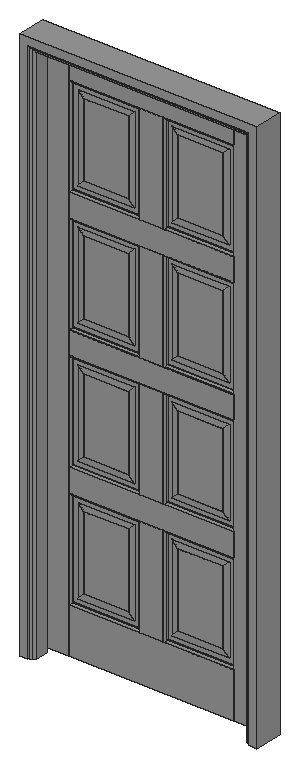
Revit family "I8PAN", category Doors, host Wall, Revit 2013
Parameters (values of type "I8PAN")
  Function = Interior
  Frame Projection Ext. = 25 mm
  Frame Projection Int. = 25 mm
  Frame Width = 75 mm
  Height = 2090 mm
  Wall Closure = By host
  Width = 889 mm
Reference planes
  plane 1: y = 0
  plane 2 "Center (Left/Right)": x = 0
  plane 3 "Left": x = -444.5
  plane 4 "Right": x = 444.5
  plane 5: z = 2090
  plane 6 "Exterior": y = 75
  plane 7 "Interior": y = -75
Forms (mm)
  Sweep 1, solid, material "Lauan, Meranti"
    path origin (0, 75, 0) x (1, 0, 0) y (0, 0, 1)
      loop
        line (444.5, 0) -> (444.5, 2090) -> (-444.5, 2090) -> (-444.5, 0)
    profile "Van Acht 105x50 Door Frame Routed Profile (Heavy) : Van Acht 105x50 Door Frame Routed Profile (Heavy)" origin (444.5, 75, 1045) x (-1, 0, 0) y (0, -1, 0)
      loop
        line (0, 22.5) -> (38, 22.5) -> (38, 67.5) -> (50, 67.5) -> (50, 112.5)
        arc (50, 112.5) -> (44.957, 114.29) -> (42.17, 118.859) r 8
        line (42.17, 118.859) -> (39, 118.859)
        arc (39, 118.859) -> (35.311, 122.973) -> (30, 124.5) r 10
        line (30, 124.5) -> (30, 127.5) -> (0, 127.5) -> (0, 22.5)
  Extrusion 2, solid, material "Lauan, Meranti"
    sketch origin (0, -85, 0) x (0, 1, 0) y (0, 0, 1)
      loop
        line (132.5, 20) -> (132.5, 191) -> (130.5, 191)
        arc (130.5, 191) -> (128.866, 195.67) -> (124.5, 198) r 6.807
        line (124.5, 198) -> (124.5, 200) -> (122.5, 200) -> (122.5, 185) -> (102.5, 185) -> (102.5, 200) -> (100.5, 200) -> (100.5, 198)
        arc (100.5, 198) -> (96.134, 195.67) -> (94.5, 191) r 6.807
        line (94.5, 191) -> (92.5, 191) -> (92.5, 20) -> (132.5, 20)
      loop
        line (132.5, 567) -> (132.5, 654) -> (130.5, 654)
        arc (130.5, 654) -> (128.866, 658.67) -> (124.5, 661) r 6.807
        line (124.5, 661) -> (124.5, 663) -> (122.5, 663) -> (122.5, 648) -> (102.5, 648) -> (102.5, 663) -> (100.5, 663) -> (100.5, 661)
        arc (100.5, 661) -> (96.134, 658.67) -> (94.5, 654) r 6.807
        line (94.5, 654) -> (92.5, 654) -> (92.5, 567) -> (94.5, 567)
        arc (94.5, 567) -> (96.134, 562.33) -> (100.5, 560) r 6.807
        line (100.5, 560) -> (100.5, 558) -> (102.5, 558) -> (102.5, 573) -> (122.5, 573) -> (122.5, 558) -> (124.5, 558) -> (124.5, 560)
        arc (124.5, 560) -> (128.866, 562.33) -> (130.5, 567) r 6.807
        line (130.5, 567) -> (132.5, 567)
      loop
        line (130.5, 1956) -> (132.5, 1956) -> (132.5, 2052) -> (92.5, 2052) -> (92.5, 1956) -> (94.5, 1956)
        arc (94.5, 1956) -> (96.134, 1951.33) -> (100.5, 1949) r 6.807
        line (100.5, 1949) -> (100.5, 1947) -> (102.5, 1947) -> (102.5, 1962) -> (122.5, 1962) -> (122.5, 1947) -> (124.5, 1947) -> (124.5, 1949)
        arc (124.5, 1949) -> (128.866, 1951.33) -> (130.5, 1956) r 6.807
      loop
        line (132.5, 1030) -> (132.5, 1117) -> (130.5, 1117)
        arc (130.5, 1117) -> (128.866, 1121.67) -> (124.5, 1124) r 6.807
        line (124.5, 1124) -> (124.5, 1126) -> (122.5, 1126) -> (122.5, 1111) -> (102.5, 1111) -> (102.5, 1126) -> (100.5, 1126) -> (100.5, 1124)
        arc (100.5, 1124) -> (96.134, 1121.67) -> (94.5, 1117) r 6.807
        line (94.5, 1117) -> (92.5, 1117) -> (92.5, 1030) -> (94.5, 1030)
        arc (94.5, 1030) -> (96.134, 1025.33) -> (100.5, 1023) r 6.807
        line (100.5, 1023) -> (100.5, 1021) -> (102.5, 1021) -> (102.5, 1036) -> (122.5, 1036) -> (122.5, 1021) -> (124.5, 1021) -> (124.5, 1023)
        arc (124.5, 1023) -> (128.866, 1025.33) -> (130.5, 1030) r 6.807
        line (130.5, 1030) -> (132.5, 1030)
      loop
        line (132.5, 1493) -> (132.5, 1580) -> (130.5, 1580)
        arc (130.5, 1580) -> (128.866, 1584.67) -> (124.5, 1587) r 6.807
        line (124.5, 1587) -> (124.5, 1589) -> (122.5, 1589) -> (122.5, 1574) -> (102.5, 1574) -> (102.5, 1589) -> (100.5, 1589) -> (100.5, 1587)
        arc (100.5, 1587) -> (96.134, 1584.67) -> (94.5, 1580) r 6.807
        line (94.5, 1580) -> (92.5, 1580) -> (92.5, 1493) -> (94.5, 1493)
        arc (94.5, 1493) -> (96.134, 1488.33) -> (100.5, 1486) r 6.807
        line (100.5, 1486) -> (100.5, 1484) -> (102.5, 1484) -> (102.5, 1499) -> (122.5, 1499) -> (122.5, 1484) -> (124.5, 1484) -> (124.5, 1486)
        arc (124.5, 1486) -> (128.866, 1488.33) -> (130.5, 1493) r 6.807
        line (130.5, 1493) -> (132.5, 1493)
    from -310.5 to 310.5
  Extrusion 3, solid, material "Lauan, Meranti"
    sketch origin (0, 0, 0) x (1, 0, 0) y (0, 1, 0)
      loop
        line (-406.5, 47.5) -> (-406.5, 7.5) -> (-310.5, 7.5) -> (-310.5, 9.5)
        arc (-310.5, 9.5) -> (-305.765, 11.06) -> (-303.5, 15.5) r 6.549
        line (-303.5, 15.5) -> (-301.5, 15.5) -> (-301.5, 17.5) -> (-316.5, 17.5) -> (-316.5, 37.5) -> (-301.5, 37.5) -> (-301.5, 39.5) -> (-303.5, 39.5)
        arc (-303.5, 39.5) -> (-305.765, 43.94) -> (-310.5, 45.5) r 6.549
        line (-310.5, 45.5) -> (-310.5, 47.5) -> (-406.5, 47.5)
      loop
        line (406.5, 47.5) -> (310.5, 47.5) -> (310.5, 45.5)
        arc (310.5, 45.5) -> (305.765, 43.94) -> (303.5, 39.5) r 6.549
        line (303.5, 39.5) -> (301.5, 39.5) -> (301.5, 37.5) -> (316.5, 37.5) -> (316.5, 17.5) -> (301.5, 17.5) -> (301.5, 15.5) -> (303.5, 15.5)
        arc (303.5, 15.5) -> (305.765, 11.06) -> (310.5, 9.5) r 6.549
        line (310.5, 9.5) -> (310.5, 7.5) -> (406.5, 7.5) -> (406.5, 47.5)
    from 20 to 2052
  Sweep 4, solid, material "Lauan, Meranti"
    path origin (0, 75, 0) x (1, 0, 0) y (0, 0, 1)
      loop
        line (310.5, 567) -> (43.5, 567) -> (43.5, 191) -> (310.5, 191) -> (310.5, 567)
    profile origin (177, 75, 567) x (0, 0, -1) y (0, -1, 0)
      loop
        line (-4.5, 57.5) -> (-4.5, 37.5) -> (25.727, 37.5)
        arc (25.727, 37.5) -> (37.124, 37.25) -> (48.5, 36.5) r 259.807
        line (48.5, 36.5) -> (48.5, 58.5)
        arc (48.5, 58.5) -> (37.124, 57.75) -> (25.727, 57.5) r 259.807
        line (25.727, 57.5) -> (-4.5, 57.5)
  Extrusion 5, solid, material "Lauan, Meranti"
    sketch origin (0, 75, 0) x (1, 0, 0) y (0, 0, 1)
      loop
        line (262, 518.5) -> (92, 518.5) -> (92, 239.5) -> (262, 239.5) -> (262, 518.5)
    from 36.5 to 58.5
  Extrusion 6, solid, material "Lauan, Meranti"
    sketch origin (0, -55, 0) x (1, 0, 0) y (0, 1, 0)
      loop
        line (-37.5, 92.5) -> (-37.5, 72.5) -> (-52.5, 72.5) -> (-52.5, 70.5) -> (-50.5, 70.5)
        arc (-50.5, 70.5) -> (-48.235, 66.06) -> (-43.5, 64.5) r 6.549
        line (-43.5, 64.5) -> (-43.5, 62.5) -> (43.5, 62.5) -> (43.5, 64.5)
        arc (43.5, 64.5) -> (48.235, 66.06) -> (50.5, 70.5) r 6.549
        line (50.5, 70.5) -> (52.5, 70.5) -> (52.5, 72.5) -> (37.5, 72.5) -> (37.5, 92.5) -> (52.5, 92.5) -> (52.5, 94.5) -> (50.5, 94.5)
        arc (50.5, 94.5) -> (48.235, 98.94) -> (43.5, 100.5) r 6.549
        line (43.5, 100.5) -> (43.5, 102.5) -> (-43.5, 102.5) -> (-43.5, 100.5)
        arc (-43.5, 100.5) -> (-48.235, 98.94) -> (-50.5, 94.5) r 6.549
        line (-50.5, 94.5) -> (-52.5, 94.5) -> (-52.5, 92.5) -> (-37.5, 92.5)
    from 191 to 567
  Sweep 7, solid, material "Lauan, Meranti"
    path origin (-354, 75, 0) x (1, 0, 0) y (0, 0, 1)
      loop
        line (310.5, 567) -> (43.5, 567) -> (43.5, 191) -> (310.5, 191) -> (310.5, 567)
    profile origin (-177, 75, 567) x (0, 0, -1) y (0, -1, 0)
      loop
        line (-4.5, 57.5) -> (-4.5, 37.5) -> (25.727, 37.5)
        arc (25.727, 37.5) -> (37.124, 37.25) -> (48.5, 36.5) r 259.807
        line (48.5, 36.5) -> (48.5, 58.5)
        arc (48.5, 58.5) -> (37.124, 57.75) -> (25.727, 57.5) r 259.807
        line (25.727, 57.5) -> (-4.5, 57.5)
  Extrusion 8, solid, material "Lauan, Meranti"
    sketch origin (-354, 75, 0) x (1, 0, 0) y (0, 0, 1)
      loop
        line (262, 518.5) -> (92, 518.5) -> (92, 239.5) -> (262, 239.5) -> (262, 518.5)
    from 36.5 to 58.5
  Sweep 9, solid, material "Lauan, Meranti"
    path origin (0, 75, 463) x (1, 0, 0) y (0, 0, 1)
      loop
        line (310.5, 567) -> (43.5, 567) -> (43.5, 191) -> (310.5, 191) -> (310.5, 567)
    profile origin (177, 75, 1030) x (0, 0, -1) y (0, -1, 0)
      loop
        line (-4.5, 57.5) -> (-4.5, 37.5) -> (25.727, 37.5)
        arc (25.727, 37.5) -> (37.124, 37.25) -> (48.5, 36.5) r 259.807
        line (48.5, 36.5) -> (48.5, 58.5)
        arc (48.5, 58.5) -> (37.124, 57.75) -> (25.727, 57.5) r 259.807
        line (25.727, 57.5) -> (-4.5, 57.5)
  Extrusion 10, solid, material "Lauan, Meranti"
    sketch origin (0, 75, 463) x (1, 0, 0) y (0, 0, 1)
      loop
        line (262, 518.5) -> (92, 518.5) -> (92, 239.5) -> (262, 239.5) -> (262, 518.5)
    from 36.5 to 58.5
  Extrusion 11, solid, material "Lauan, Meranti"
    sketch origin (0, -55, 463) x (1, 0, 0) y (0, 1, 0)
      loop
        line (-37.5, 92.5) -> (-37.5, 72.5) -> (-52.5, 72.5) -> (-52.5, 70.5) -> (-50.5, 70.5)
        arc (-50.5, 70.5) -> (-48.235, 66.06) -> (-43.5, 64.5) r 6.549
        line (-43.5, 64.5) -> (-43.5, 62.5) -> (43.5, 62.5) -> (43.5, 64.5)
        arc (43.5, 64.5) -> (48.235, 66.06) -> (50.5, 70.5) r 6.549
        line (50.5, 70.5) -> (52.5, 70.5) -> (52.5, 72.5) -> (37.5, 72.5) -> (37.5, 92.5) -> (52.5, 92.5) -> (52.5, 94.5) -> (50.5, 94.5)
        arc (50.5, 94.5) -> (48.235, 98.94) -> (43.5, 100.5) r 6.549
        line (43.5, 100.5) -> (43.5, 102.5) -> (-43.5, 102.5) -> (-43.5, 100.5)
        arc (-43.5, 100.5) -> (-48.235, 98.94) -> (-50.5, 94.5) r 6.549
        line (-50.5, 94.5) -> (-52.5, 94.5) -> (-52.5, 92.5) -> (-37.5, 92.5)
    from 191 to 567
  Sweep 12, solid, material "Lauan, Meranti"
    path origin (-354, 75, 463) x (1, 0, 0) y (0, 0, 1)
      loop
        line (310.5, 567) -> (43.5, 567) -> (43.5, 191) -> (310.5, 191) -> (310.5, 567)
    profile origin (-177, 75, 1030) x (0, 0, -1) y (0, -1, 0)
      loop
        line (-4.5, 57.5) -> (-4.5, 37.5) -> (25.727, 37.5)
        arc (25.727, 37.5) -> (37.124, 37.25) -> (48.5, 36.5) r 259.807
        line (48.5, 36.5) -> (48.5, 58.5)
        arc (48.5, 58.5) -> (37.124, 57.75) -> (25.727, 57.5) r 259.807
        line (25.727, 57.5) -> (-4.5, 57.5)
  Extrusion 13, solid, material "Lauan, Meranti"
    sketch origin (-354, 75, 463) x (1, 0, 0) y (0, 0, 1)
      loop
        line (262, 518.5) -> (92, 518.5) -> (92, 239.5) -> (262, 239.5) -> (262, 518.5)
    from 36.5 to 58.5
  Sweep 14, solid, material "Lauan, Meranti"
    path origin (0, 75, 926) x (1, 0, 0) y (0, 0, 1)
      loop
        line (310.5, 567) -> (43.5, 567) -> (43.5, 191) -> (310.5, 191) -> (310.5, 567)
    profile origin (177, 75, 1493) x (0, 0, -1) y (0, -1, 0)
      loop
        line (-4.5, 57.5) -> (-4.5, 37.5) -> (25.727, 37.5)
        arc (25.727, 37.5) -> (37.124, 37.25) -> (48.5, 36.5) r 259.807
        line (48.5, 36.5) -> (48.5, 58.5)
        arc (48.5, 58.5) -> (37.124, 57.75) -> (25.727, 57.5) r 259.807
        line (25.727, 57.5) -> (-4.5, 57.5)
  Extrusion 15, solid, material "Lauan, Meranti"
    sketch origin (0, 75, 926) x (1, 0, 0) y (0, 0, 1)
      loop
        line (262, 518.5) -> (92, 518.5) -> (92, 239.5) -> (262, 239.5) -> (262, 518.5)
    from 36.5 to 58.5
  Extrusion 16, solid, material "Lauan, Meranti"
    sketch origin (0, -55, 926) x (1, 0, 0) y (0, 1, 0)
      loop
        line (-37.5, 92.5) -> (-37.5, 72.5) -> (-52.5, 72.5) -> (-52.5, 70.5) -> (-50.5, 70.5)
        arc (-50.5, 70.5) -> (-48.235, 66.06) -> (-43.5, 64.5) r 6.549
        line (-43.5, 64.5) -> (-43.5, 62.5) -> (43.5, 62.5) -> (43.5, 64.5)
        arc (43.5, 64.5) -> (48.235, 66.06) -> (50.5, 70.5) r 6.549
        line (50.5, 70.5) -> (52.5, 70.5) -> (52.5, 72.5) -> (37.5, 72.5) -> (37.5, 92.5) -> (52.5, 92.5) -> (52.5, 94.5) -> (50.5, 94.5)
        arc (50.5, 94.5) -> (48.235, 98.94) -> (43.5, 100.5) r 6.549
        line (43.5, 100.5) -> (43.5, 102.5) -> (-43.5, 102.5) -> (-43.5, 100.5)
        arc (-43.5, 100.5) -> (-48.235, 98.94) -> (-50.5, 94.5) r 6.549
        line (-50.5, 94.5) -> (-52.5, 94.5) -> (-52.5, 92.5) -> (-37.5, 92.5)
    from 191 to 567
  Sweep 17, solid, material "Lauan, Meranti"
    path origin (-354, 75, 926) x (1, 0, 0) y (0, 0, 1)
      loop
        line (310.5, 567) -> (43.5, 567) -> (43.5, 191) -> (310.5, 191) -> (310.5, 567)
    profile origin (-177, 75, 1493) x (0, 0, -1) y (0, -1, 0)
      loop
        line (-4.5, 57.5) -> (-4.5, 37.5) -> (25.727, 37.5)
        arc (25.727, 37.5) -> (37.124, 37.25) -> (48.5, 36.5) r 259.807
        line (48.5, 36.5) -> (48.5, 58.5)
        arc (48.5, 58.5) -> (37.124, 57.75) -> (25.727, 57.5) r 259.807
        line (25.727, 57.5) -> (-4.5, 57.5)
  Extrusion 18, solid, material "Lauan, Meranti"
    sketch origin (-354, 75, 926) x (1, 0, 0) y (0, 0, 1)
      loop
        line (262, 518.5) -> (92, 518.5) -> (92, 239.5) -> (262, 239.5) -> (262, 518.5)
    from 36.5 to 58.5
  Sweep 19, solid, material "Lauan, Meranti"
    path origin (0, 75, 1389) x (1, 0, 0) y (0, 0, 1)
      loop
        line (310.5, 567) -> (43.5, 567) -> (43.5, 191) -> (310.5, 191) -> (310.5, 567)
    profile origin (177, 75, 1956) x (0, 0, -1) y (0, -1, 0)
      loop
        line (-4.5, 57.5) -> (-4.5, 37.5) -> (25.727, 37.5)
        arc (25.727, 37.5) -> (37.124, 37.25) -> (48.5, 36.5) r 259.807
        line (48.5, 36.5) -> (48.5, 58.5)
        arc (48.5, 58.5) -> (37.124, 57.75) -> (25.727, 57.5) r 259.807
        line (25.727, 57.5) -> (-4.5, 57.5)
  Extrusion 20, solid, material "Lauan, Meranti"
    sketch origin (0, 75, 1389) x (1, 0, 0) y (0, 0, 1)
      loop
        line (262, 518.5) -> (92, 518.5) -> (92, 239.5) -> (262, 239.5) -> (262, 518.5)
    from 36.5 to 58.5
  Extrusion 21, solid, material "Lauan, Meranti"
    sketch origin (0, -55, 1389) x (1, 0, 0) y (0, 1, 0)
      loop
        line (-37.5, 92.5) -> (-37.5, 72.5) -> (-52.5, 72.5) -> (-52.5, 70.5) -> (-50.5, 70.5)
        arc (-50.5, 70.5) -> (-48.235, 66.06) -> (-43.5, 64.5) r 6.549
        line (-43.5, 64.5) -> (-43.5, 62.5) -> (43.5, 62.5) -> (43.5, 64.5)
        arc (43.5, 64.5) -> (48.235, 66.06) -> (50.5, 70.5) r 6.549
        line (50.5, 70.5) -> (52.5, 70.5) -> (52.5, 72.5) -> (37.5, 72.5) -> (37.5, 92.5) -> (52.5, 92.5) -> (52.5, 94.5) -> (50.5, 94.5)
        arc (50.5, 94.5) -> (48.235, 98.94) -> (43.5, 100.5) r 6.549
        line (43.5, 100.5) -> (43.5, 102.5) -> (-43.5, 102.5) -> (-43.5, 100.5)
        arc (-43.5, 100.5) -> (-48.235, 98.94) -> (-50.5, 94.5) r 6.549
        line (-50.5, 94.5) -> (-52.5, 94.5) -> (-52.5, 92.5) -> (-37.5, 92.5)
    from 191 to 567
  Sweep 22, solid, material "Lauan, Meranti"
    path origin (-354, 75, 1389) x (1, 0, 0) y (0, 0, 1)
      loop
        line (310.5, 567) -> (43.5, 567) -> (43.5, 191) -> (310.5, 191) -> (310.5, 567)
    profile origin (-177, 75, 1956) x (0, 0, -1) y (0, -1, 0)
      loop
        line (-4.5, 57.5) -> (-4.5, 37.5) -> (25.727, 37.5)
        arc (25.727, 37.5) -> (37.124, 37.25) -> (48.5, 36.5) r 259.807
        line (48.5, 36.5) -> (48.5, 58.5)
        arc (48.5, 58.5) -> (37.124, 57.75) -> (25.727, 57.5) r 259.807
        line (25.727, 57.5) -> (-4.5, 57.5)
  Extrusion 23, solid, material "Lauan, Meranti"
    sketch origin (-354, 75, 1389) x (1, 0, 0) y (0, 0, 1)
      loop
        line (262, 518.5) -> (92, 518.5) -> (92, 239.5) -> (262, 239.5) -> (262, 518.5)
    from 36.5 to 58.5
Lines and regions (mm)
  Opening 1
    outline origin (-3050, -75, 0) x (1, 0, 0) y (0, 0, 1)
      loop
        line (2605.5, 0) -> (3494.5, 0) -> (3494.5, 2090) -> (2605.5, 2090) -> (2605.5, 0)
  symbolic lines, style "Elevation Swing"
    curve 1: line (444.5, -75, 1045) -> (-444.5, -75, 2090)
    curve 2: line (444.5, -75, 1045) -> (-444.5, -75, 0)
  model lines
    curve 3: line (406.5, 52.5, 0) -> (406.5, 865.5, 0)
    curve 4: arc (-406.5, 52.5, 0) -> (-168.378, 627.378, 0) -> (406.5, 865.5, 0) r 813
Text (mm)
  text "Exterior" at (-2295.016, 1099.543, 0), in view "Ref. Level"
  text "Exterior" at (0, 1615.38, 3698.081), in view "Left"
  text "Exterior" at (0, 1036.032, 3874.932), in view "Right"
Dimensions and locks
  equal spacing: plane 3 "Left", plane 2 "Center (Left/Right)", plane 4 "Right"
  "Width": plane 3 "Left" to plane 4 "Right"
  "Height": plane 5 to host wall
  equal spacing: host wall, curve 2, plane 5
  host wall to plane 5 = 2090 mm
  locked: plane 6 "Exterior" to host wall at 0
  locked: plane 7 "Interior" to host wall
  plane 3 "Left" to plane 4 "Right" = 889 mm
  Sweep 1 to Sweep 1 = 813 mm
  Extrusion 3 to Sweep 1 = 2032 mm
  aligned and locked: plane 3 "Left" to Opening 1 sketch curve
  aligned and locked: plane 5 to Opening 1 sketch curve  (x2)
  aligned and locked: Opening 1 sketch curve to plane 4 "Right"
  aligned and locked: Opening 1 sketch curve to level
  aligned and locked: plane 5 to curve 1
  aligned and locked: plane 3 "Left" to curve 2
  aligned and locked: plane 1 to host wall
  aligned and locked: plane 3 "Left" to curve 1
Automatic sketch dimensions
  plane 4 "Right" to curve 2 = 0 mm
  curve 2 to level = 0 mm
  plane 3 "Left" to Sweep 1 sketch curve = 0 mm
  plane 4 "Right" to Sweep 1 sketch curve = 0 mm
  Sweep 1 sketch curve to plane 5 = 0 mm
  Sweep 1 sketch curve to level = 0 mm  (x2)
  Extrusion 2 sketch curve to host wall = 7.5 mm  (x5)
  level to Extrusion 2 sketch curve = 20 mm
  Extrusion 2 sketch curve to Extrusion 2 sketch curve = 2 mm  (x39)
  Extrusion 2 sketch curve to Extrusion 2 sketch curve = 6 mm  (x24)
  Extrusion 2 sketch curve to Extrusion 2 sketch curve = 8 mm  (x4)
  Extrusion 2 sketch curve to Extrusion 2 sketch curve = 20 mm  (x8)
  Extrusion 2 sketch curve to host wall = 27.5 mm  (x2)
  Extrusion 2 sketch curve to Extrusion 2 sketch curve = 1.197 mm  (x16)
  Extrusion 2 sketch curve to Extrusion 2 sketch curve = 165 mm
  Extrusion 2 sketch curve to Extrusion 2 sketch curve = 7 mm  (x16)
  Extrusion 2 sketch curve to Extrusion 2 sketch curve = 358 mm  (x3)
  Extrusion 2 sketch curve to Extrusion 2 sketch curve = 0 mm  (x4)
  Extrusion 2 sketch curve to Extrusion 2 sketch curve = 6.241 mm  (x4)
  Extrusion 2 sketch curve to Extrusion 2 sketch curve = 75 mm  (x3)
  plane 5 to Extrusion 2 sketch curve = 143 mm
  plane 5 to Extrusion 2 sketch curve = 38 mm
  Extrusion 3 sketch curve to host wall = 7.5 mm  (x2)
  Extrusion 3 sketch curve to plane 3 "Left" = 38 mm
  Extrusion 3 sketch curve to host wall = 37.5 mm  (x2)
  Extrusion 3 sketch curve to Extrusion 3 sketch curve = 90 mm
  Extrusion 3 sketch curve to Extrusion 3 sketch curve = 6 mm  (x7)
  Extrusion 3 sketch curve to Extrusion 3 sketch curve = 7 mm  (x4)
  Extrusion 3 sketch curve to Extrusion 3 sketch curve = 2 mm  (x11)
  plane 4 "Right" to Extrusion 3 sketch curve = 143 mm
  Extrusion 3 sketch curve to Extrusion 3 sketch curve = 0 mm
  plane 4 "Right" to Extrusion 3 sketch curve = 38 mm
  Extrusion 3 sketch curve to Extrusion 3 sketch curve = 0.473 mm  (x2)
  Extrusion 3 sketch curve to Extrusion 3 sketch curve = 6.527 mm  (x2)
  Extrusion 3 sketch curve to Extrusion 3 sketch curve = 1.468 mm
  plane 2 "Center (Left/Right)" to Sweep 4 sketch curve = 43.5 mm
  level to Sweep 4 sketch curve = 191 mm
  plane 4 "Right" to Sweep 4 sketch curve = 134 mm
  Sweep 4 sketch curve to Sweep 4 sketch curve = 376 mm
  profile plane to Sweep 4 sketch curve = 4.5 mm
  plane 6 "Exterior" to Sweep 4 sketch curve = 36.5 mm
  Sweep 4 sketch curve to profile plane = 25.727 mm
  Sweep 4 sketch curve to Sweep 4 sketch curve = 0 mm
  Sweep 4 sketch curve to Sweep 4 sketch curve = 22.773 mm
  plane 6 "Exterior" to Sweep 4 sketch curve = 37.5 mm
  Sweep 4 sketch curve to Sweep 4 sketch curve = 20 mm
  Sweep 4 sketch curve to Sweep 4 sketch curve = 22 mm
  plane 2 "Center (Left/Right)" to Extrusion 5 sketch curve = 92 mm
  level to Extrusion 5 sketch curve = 239.5 mm
  Extrusion 5 sketch curve to Extrusion 5 sketch curve = 170 mm
  Extrusion 5 sketch curve to Extrusion 5 sketch curve = 279 mm
  plane 4 "Right" to curve 3 = 38 mm
  host wall to curve 3 = 790.5 mm
  curve 4 to host wall = 22.5 mm
  curve 3 to curve 4 = 0 mm
  Extrusion 6 sketch curve to host wall = 17.5 mm  (x2)
  Extrusion 6 sketch curve to plane 2 "Center (Left/Right)" = 52.5 mm
  Extrusion 6 sketch curve to host wall = 7.5 mm
  Extrusion 6 sketch curve to Extrusion 6 sketch curve = 0 mm
  Extrusion 6 sketch curve to Extrusion 6 sketch curve = 2 mm  (x11)
  Extrusion 6 sketch curve to Extrusion 6 sketch curve = 7 mm  (x4)
  Extrusion 6 sketch curve to Extrusion 6 sketch curve = 6 mm  (x5)
  plane 2 "Center (Left/Right)" to Extrusion 6 sketch curve = 37.5 mm
  Extrusion 6 sketch curve to Extrusion 6 sketch curve = 0.473 mm  (x4)
  Extrusion 6 sketch curve to Extrusion 6 sketch curve = 20 mm  (x2)
  Sweep 7 sketch curve to plane 3 "Left" = 134 mm
  Sweep 7 sketch curve to plane 2 "Center (Left/Right)" = 43.5 mm
  level to Sweep 7 sketch curve = 191 mm
  Sweep 7 sketch curve to Sweep 7 sketch curve = 376 mm
  profile plane to Sweep 7 sketch curve = 4.5 mm
  plane 6 "Exterior" to Sweep 7 sketch curve = 36.5 mm
  Sweep 7 sketch curve to profile plane = 25.727 mm
  Sweep 7 sketch curve to Sweep 7 sketch curve = 0 mm
  Sweep 7 sketch curve to Sweep 7 sketch curve = 22.773 mm
  plane 6 "Exterior" to Sweep 7 sketch curve = 37.5 mm
  Sweep 7 sketch curve to Sweep 7 sketch curve = 20 mm
  Sweep 7 sketch curve to Sweep 7 sketch curve = 22 mm
  Extrusion 8 sketch curve to plane 3 "Left" = 182.5 mm
  Extrusion 8 sketch curve to plane 2 "Center (Left/Right)" = 92 mm
  level to Extrusion 8 sketch curve = 239.5 mm
  Extrusion 8 sketch curve to Extrusion 8 sketch curve = 279 mm
  plane 2 "Center (Left/Right)" to Sweep 9 sketch curve = 43.5 mm
  plane 4 "Right" to Sweep 9 sketch curve = 134 mm
  level to Sweep 9 sketch curve = 654 mm
  Sweep 9 sketch curve to Sweep 9 sketch curve = 376 mm
  profile plane to Sweep 9 sketch curve = 4.5 mm
  plane 6 "Exterior" to Sweep 9 sketch curve = 36.5 mm
  Sweep 9 sketch curve to profile plane = 25.727 mm
  Sweep 9 sketch curve to Sweep 9 sketch curve = 0 mm
  Sweep 9 sketch curve to Sweep 9 sketch curve = 22.773 mm
  plane 6 "Exterior" to Sweep 9 sketch curve = 37.5 mm
  Sweep 9 sketch curve to Sweep 9 sketch curve = 20 mm
  Sweep 9 sketch curve to Sweep 9 sketch curve = 22 mm
  plane 2 "Center (Left/Right)" to Extrusion 10 sketch curve = 92 mm
  plane 4 "Right" to Extrusion 10 sketch curve = 182.5 mm
  level to Extrusion 10 sketch curve = 702.5 mm
  Extrusion 10 sketch curve to Extrusion 10 sketch curve = 279 mm
  Extrusion 11 sketch curve to host wall = 17.5 mm  (x2)
  Extrusion 11 sketch curve to plane 2 "Center (Left/Right)" = 52.5 mm
  Extrusion 11 sketch curve to host wall = 7.5 mm
  Extrusion 11 sketch curve to Extrusion 11 sketch curve = 0 mm
  Extrusion 11 sketch curve to Extrusion 11 sketch curve = 2 mm  (x11)
  Extrusion 11 sketch curve to Extrusion 11 sketch curve = 7 mm  (x4)
  Extrusion 11 sketch curve to Extrusion 11 sketch curve = 6 mm  (x5)
  plane 2 "Center (Left/Right)" to Extrusion 11 sketch curve = 37.5 mm
  Extrusion 11 sketch curve to Extrusion 11 sketch curve = 0.473 mm  (x4)
  Extrusion 11 sketch curve to Extrusion 11 sketch curve = 20 mm  (x2)
  Sweep 12 sketch curve to plane 3 "Left" = 134 mm
  Sweep 12 sketch curve to plane 2 "Center (Left/Right)" = 43.5 mm
  level to Sweep 12 sketch curve = 654 mm
  Sweep 12 sketch curve to Sweep 12 sketch curve = 376 mm
  profile plane to Sweep 12 sketch curve = 4.5 mm
  plane 6 "Exterior" to Sweep 12 sketch curve = 36.5 mm
  Sweep 12 sketch curve to profile plane = 25.727 mm
  Sweep 12 sketch curve to Sweep 12 sketch curve = 0 mm
  Sweep 12 sketch curve to Sweep 12 sketch curve = 22.773 mm
  plane 6 "Exterior" to Sweep 12 sketch curve = 37.5 mm
  Sweep 12 sketch curve to Sweep 12 sketch curve = 20 mm
  Sweep 12 sketch curve to Sweep 12 sketch curve = 22 mm
  Extrusion 13 sketch curve to plane 3 "Left" = 182.5 mm
  Extrusion 13 sketch curve to plane 2 "Center (Left/Right)" = 92 mm
  level to Extrusion 13 sketch curve = 702.5 mm
  Extrusion 13 sketch curve to Extrusion 13 sketch curve = 279 mm
  plane 2 "Center (Left/Right)" to Sweep 14 sketch curve = 43.5 mm
  plane 4 "Right" to Sweep 14 sketch curve = 134 mm
  plane 5 to Sweep 14 sketch curve = 973 mm
  Sweep 14 sketch curve to Sweep 14 sketch curve = 376 mm
  profile plane to Sweep 14 sketch curve = 4.5 mm
  plane 6 "Exterior" to Sweep 14 sketch curve = 36.5 mm
  Sweep 14 sketch curve to profile plane = 25.727 mm
  Sweep 14 sketch curve to Sweep 14 sketch curve = 0 mm
  Sweep 14 sketch curve to Sweep 14 sketch curve = 22.773 mm
  plane 6 "Exterior" to Sweep 14 sketch curve = 37.5 mm
  Sweep 14 sketch curve to Sweep 14 sketch curve = 20 mm
  Sweep 14 sketch curve to Sweep 14 sketch curve = 22 mm
  plane 2 "Center (Left/Right)" to Extrusion 15 sketch curve = 92 mm
  plane 4 "Right" to Extrusion 15 sketch curve = 182.5 mm
  plane 5 to Extrusion 15 sketch curve = 924.5 mm
  Extrusion 15 sketch curve to Extrusion 15 sketch curve = 279 mm
  Extrusion 16 sketch curve to host wall = 17.5 mm  (x2)
  Extrusion 16 sketch curve to plane 2 "Center (Left/Right)" = 52.5 mm
  Extrusion 16 sketch curve to host wall = 7.5 mm
  Extrusion 16 sketch curve to Extrusion 16 sketch curve = 0 mm
  Extrusion 16 sketch curve to Extrusion 16 sketch curve = 2 mm  (x11)
  Extrusion 16 sketch curve to Extrusion 16 sketch curve = 7 mm  (x4)
  Extrusion 16 sketch curve to Extrusion 16 sketch curve = 6 mm  (x5)
  plane 2 "Center (Left/Right)" to Extrusion 16 sketch curve = 37.5 mm
  Extrusion 16 sketch curve to Extrusion 16 sketch curve = 0.473 mm  (x4)
  Extrusion 16 sketch curve to Extrusion 16 sketch curve = 20 mm  (x2)
  Sweep 17 sketch curve to plane 3 "Left" = 134 mm
  Sweep 17 sketch curve to plane 2 "Center (Left/Right)" = 43.5 mm
  plane 5 to Sweep 17 sketch curve = 973 mm
  Sweep 17 sketch curve to Sweep 17 sketch curve = 376 mm
  profile plane to Sweep 17 sketch curve = 4.5 mm
  plane 6 "Exterior" to Sweep 17 sketch curve = 36.5 mm
  Sweep 17 sketch curve to profile plane = 25.727 mm
  Sweep 17 sketch curve to Sweep 17 sketch curve = 0 mm
  Sweep 17 sketch curve to Sweep 17 sketch curve = 22.773 mm
  plane 6 "Exterior" to Sweep 17 sketch curve = 37.5 mm
  Sweep 17 sketch curve to Sweep 17 sketch curve = 20 mm
  Sweep 17 sketch curve to Sweep 17 sketch curve = 22 mm
  Extrusion 18 sketch curve to plane 3 "Left" = 182.5 mm
  Extrusion 18 sketch curve to plane 2 "Center (Left/Right)" = 92 mm
  plane 5 to Extrusion 18 sketch curve = 924.5 mm
  Extrusion 18 sketch curve to Extrusion 18 sketch curve = 279 mm
  plane 2 "Center (Left/Right)" to Sweep 19 sketch curve = 43.5 mm
  plane 4 "Right" to Sweep 19 sketch curve = 134 mm
  plane 5 to Sweep 19 sketch curve = 510 mm
  plane 5 to Sweep 19 sketch curve = 134 mm
  profile plane to Sweep 19 sketch curve = 4.5 mm
  plane 6 "Exterior" to Sweep 19 sketch curve = 36.5 mm
  Sweep 19 sketch curve to profile plane = 25.727 mm
  Sweep 19 sketch curve to Sweep 19 sketch curve = 0 mm
  Sweep 19 sketch curve to Sweep 19 sketch curve = 22.773 mm
  plane 6 "Exterior" to Sweep 19 sketch curve = 37.5 mm
  Sweep 19 sketch curve to Sweep 19 sketch curve = 20 mm
  Sweep 19 sketch curve to Sweep 19 sketch curve = 22 mm
  plane 2 "Center (Left/Right)" to Extrusion 20 sketch curve = 92 mm
  plane 4 "Right" to Extrusion 20 sketch curve = 182.5 mm
  plane 5 to Extrusion 20 sketch curve = 461.5 mm
  plane 5 to Extrusion 20 sketch curve = 182.5 mm
  Extrusion 21 sketch curve to host wall = 17.5 mm  (x2)
  Extrusion 21 sketch curve to plane 2 "Center (Left/Right)" = 52.5 mm
  Extrusion 21 sketch curve to host wall = 7.5 mm
  Extrusion 21 sketch curve to Extrusion 21 sketch curve = 0 mm
  Extrusion 21 sketch curve to Extrusion 21 sketch curve = 2 mm  (x11)
  Extrusion 21 sketch curve to Extrusion 21 sketch curve = 7 mm  (x4)
  Extrusion 21 sketch curve to Extrusion 21 sketch curve = 6 mm  (x5)
  plane 2 "Center (Left/Right)" to Extrusion 21 sketch curve = 37.5 mm
  Extrusion 21 sketch curve to Extrusion 21 sketch curve = 0.473 mm  (x4)
  Extrusion 21 sketch curve to Extrusion 21 sketch curve = 20 mm  (x2)
  Sweep 22 sketch curve to plane 3 "Left" = 134 mm
  Sweep 22 sketch curve to plane 2 "Center (Left/Right)" = 43.5 mm
  plane 5 to Sweep 22 sketch curve = 510 mm
  plane 5 to Sweep 22 sketch curve = 134 mm
  profile plane to Sweep 22 sketch curve = 4.5 mm
  plane 6 "Exterior" to Sweep 22 sketch curve = 36.5 mm
  Sweep 22 sketch curve to profile plane = 25.727 mm
  Sweep 22 sketch curve to Sweep 22 sketch curve = 0 mm
  Sweep 22 sketch curve to Sweep 22 sketch curve = 22.773 mm
  plane 6 "Exterior" to Sweep 22 sketch curve = 37.5 mm
  Sweep 22 sketch curve to Sweep 22 sketch curve = 20 mm
  Sweep 22 sketch curve to Sweep 22 sketch curve = 22 mm
  Extrusion 23 sketch curve to plane 3 "Left" = 182.5 mm
  Extrusion 23 sketch curve to plane 2 "Center (Left/Right)" = 92 mm
  plane 5 to Extrusion 23 sketch curve = 461.5 mm
  plane 5 to Extrusion 23 sketch curve = 182.5 mm
